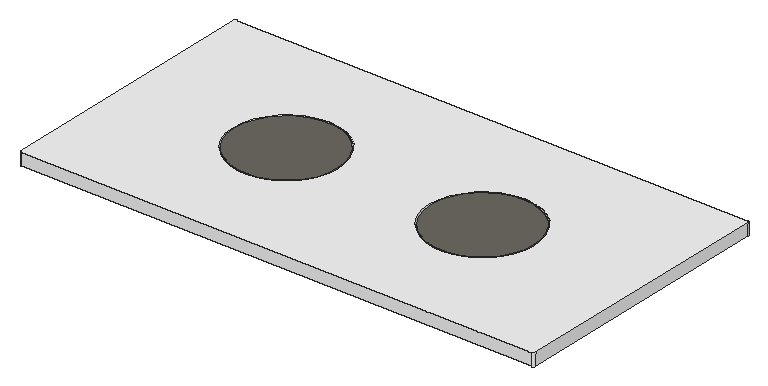
Revit family "237100WDW ELVIRE INVISI BUTTONS - WHITE DARK WOOD", category Plumbing Fixtures, host Face, Revit 2016
Family settings
  Host = Face
  Part Type = Normal
  Round Connector Dimension = Use Diameter
  OmniClass Number = 23.45.05.21.11.11
  OmniClass Title = Water Operated Water Closets
  Cut with Voids When Loaded = No
  Shared = No
  Room Calculation Point = No
Parameters (values of type "ELVIRE INVISI BUTTONS - WHITE/ DARK WOOD")
  Waste Connection = no
  Vent Connection = no
  URL = "https://www.caroma.com.au/"
  Model = "237100WDW"
  Material_Button = GWA-Wood-Dark
  Material_Base = GWA-Metalwork-White
  Manufacturer = "GWA Bathrooms & Kitchens"  # constant formula
  HW Connection = no
  Description = "ELVIRE INVISI BUTTONS - WHITE/ DARK WOOD"
  Default Elevation = 0 mm
  CreatedBy_ANZRS = "GWA Bathrooms & Kitchens"  # constant formula
  CW Connection = no
  Assembly Code = "D2010110"
Reference planes
  plane 1 "Center (Front/Back)": y = 0
  plane 2: z = 0
  plane 3 "Center (Left/Right)": x = 0
Forms (mm)
  Extrusion 1, solid, material "GWA-Metalwork-White" <- "Material_Base"
    sketch origin (0, 0, 0) x (1, 0, 0) y (0, 1, 0)
      loop
        arc (-104, 55) -> (-104.707, 54.707) -> (-105, 54) r 1
        line (-105, 54) -> (-105, -54)
        arc (-105, -54) -> (-104.707, -54.707) -> (-104, -55) r 1
        line (-104, -55) -> (104, -55)
        arc (104, -55) -> (104.707, -54.707) -> (105, -54) r 1
        line (105, -54) -> (105, 54)
        arc (105, 54) -> (104.707, 54.707) -> (104, 55) r 1
        line (104, 55) -> (-104, 55)
    from 0 to 5
  Extrusion 2, solid, material "GWA-Wood-Dark" <- "Material_Button"
    sketch origin (40, 0, 0) x (1, 0, 0) y (0, 1, 0)
      loop
        circle (0, 0) r 21
    from 0 to 5
  Extrusion 3, solid, material "GWA-Wood-Dark" <- "Material_Button"
    sketch origin (-40, 0, 0) x (-1, 0, 0) y (0, -1, 0)
      loop
        circle (0, 0) r 21
    from 0 to 5
  Extrusion 4, void
    sketch origin (0, 0, 0) x (1, 0, 0) y (0, 1, 0)
      loop
        circle (-40, 0) r 21.5
      loop
        circle (40, 0) r 21.5
    from -8 to 8
Cuts and joins
  Extrusion 4 cuts Extrusion 1
Lines and regions (mm)
  Masking region 1
    outline origin (0, 0, 0) x (1, 0, 0) y (0, 1, 0)
      loop
        line (104, 55) -> (-104, 55)
        arc (-104, 55) -> (-104.707, 54.707) -> (-105, 54) r 1
        line (-105, 54) -> (-105, -54)
        arc (-105, -54) -> (-104.707, -54.707) -> (-104, -55) r 1
        line (-104, -55) -> (104, -55)
        arc (104, -55) -> (104.707, -54.707) -> (105, -54) r 1
        line (105, -54) -> (105, 54)
        arc (105, 54) -> (104.707, 54.707) -> (104, 55) r 1
  Masking region 2
    outline origin (0, 388, 0) x (1, 0, 0) y (0, 0, 1)
      loop
        line (105, 5) -> (-105, 5) -> (-105, 0) -> (105, 0) -> (105, 5)
  Masking region 3
    outline origin (0, 0, 0) x (0, 1, 0) y (0, 0, 1)
      loop
        line (-55, 5) -> (-55, 0) -> (55, 0) -> (55, 5) -> (-55, 5)
  symbolic lines
    curve 1: line (104, 55, 0) -> (-104, 55, 0)
    curve 2: arc (-104, 55, 0) -> (-104.707, 54.707, 0) -> (-105, 54, 0) r 1
    curve 3: line (-105, 54, 0) -> (-105, -54, 0)
    curve 4: arc (-105, -54, 0) -> (-104.707, -54.707, 0) -> (-104, -55, 0) r 1
    curve 5: line (-104, -55, 0) -> (104, -55, 0)
    curve 6: arc (104, -55, 0) -> (104.707, -54.707, 0) -> (105, -54, 0) r 1
    curve 7: line (105, -54, 0) -> (105, 54, 0)
    curve 8: arc (105, 54, 0) -> (104.707, 54.707, 0) -> (104, 55, 0) r 1
    curve 9: circle (-40, 0, 0) r 21 normal (0, 0, 1)
    curve 10: circle (-40, 0, 0) r 21.5 normal (0, 0, 1)
    curve 11: circle (40, 0, 0) r 21 normal (0, 0, 1)
    curve 12: circle (40, 0, 0) r 21.5 normal (0, 0, 1)
    curve 13: line (105, 388, 5) -> (-105, 388, 5)
    curve 14: line (105, 388, 0) -> (105, 388, 5)
    curve 15: line (-105, 388, 0) -> (105, 388, 0)
    curve 16: line (-105, 388, 5) -> (-105, 388, 0)
    curve 17: line (0, -55, 5) -> (0, 55, 5)
    curve 18: line (0, -55, 0) -> (0, -55, 5)
    curve 19: line (0, 55, 0) -> (0, -55, 0)
    curve 20: line (0, 55, 5) -> (0, 55, 0)
Dimensions and locks
  aligned and locked: plane 2 to host face
  aligned and locked: level to host face
